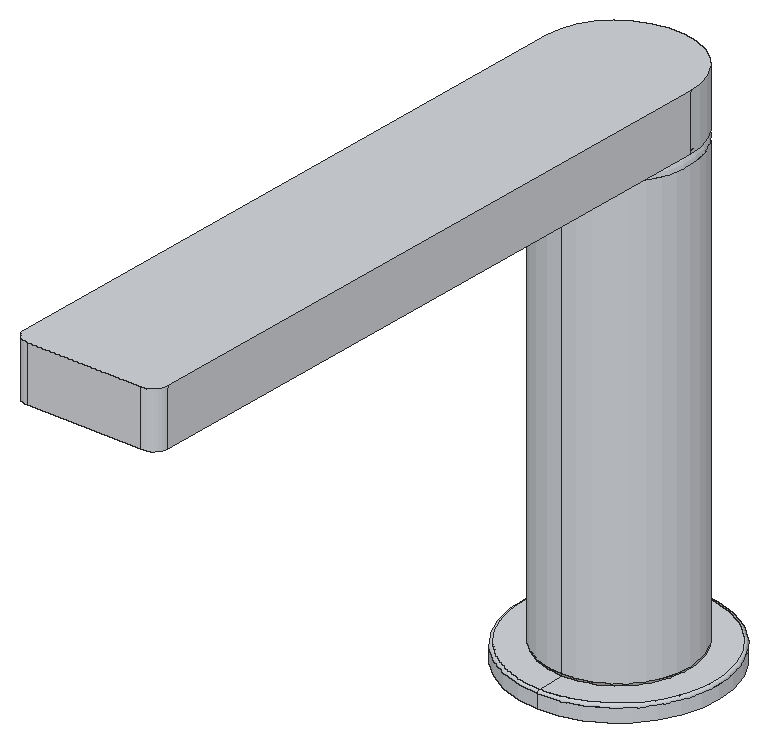
Revit family "Faucet_Touchless-Lavatory-KOHLER-Composed-K-106C37", category Plumbing Fixtures, host Face, Revit 2021
Family settings
  Host = Face
  Round Connector Dimension = Use Diameter
  Part Type = Normal
  OmniClass Number = 23.31.11.00
  OmniClass Title = Faucets
  Cut with Voids When Loaded = No
  Shared = No
  Room Calculation Point = No
Parameters (values of type "CP-Polished Chrome")
  Width = 2"  # constant formula
  WaterSense Certified = 1 = 0  # no
  Waste Water Outlet = "Waste Water Outlet"  # constant formula
  Waste Connection = 1 = 0  # no
  Vent Connection = 1 = 0  # no
  URL = "https://www.us.kohler.com/us/"
  Spout Reach = Length  # 5 13/16"
  Product Page URL = "http://www.us.kohler.com/us/catalog/productDetails.jsp?productNumber=106C37-SANA"
  Product Name = "Composed"  # constant formula
  Product Documentation Link = "https://www.us.kohler.com/webassets/kpna/catalog/pdf/en/K-106C37-SANA_spec_US-CA_Kohler_en.pdf"
  Pressure = 60.00 psi  # constant formula
  Model = "K-106C37-SANA-CP"  # constant formula
  Material = "Premium Metal Construction"  # constant formula
  Master Format 2014 Name = "Residential Faucets, Supplies, and Trim"  # constant formula
  Master Format 2014 = "22 41 39"  # constant formula
  Manufacturer Address = "444 Highland Dr, Kohler, WI 53044"  # constant formula
  Manufacturer = "Kohler Co."  # constant formula
  Length = 5 13/16"  # constant formula
  Hot Water Inlet = "Hot Water Inlet"  # constant formula
  Height = 5 1/2"  # constant formula
  HW Connection = 1 = 1  # yes
  Flow Rate = 0.5 GPM  # constant formula
  Finish = Kohler-Metal-CP-Polished_Chrome
  Environmental Product Declaration = ""
  Electrical Note = "Hybrid Energy Cell"  # constant formula
  Drain Included = 1 = 1  # yes
  Description = "Faucet Hybrid Battery With Mixer"  # constant formula
  Default Elevation = 36"
  Declare Label = ""
  Date Modified = "05/20/2024"  # constant formula
  Date Created = "01/29/2019"  # constant formula
  Copyright = "Copyright Kohler Co."  # constant formula
  Contact Us = "https://www.us.kohler.com/us/static/contact.jsp"
  Cold Water Inlet = "Cold Water Inlet"  # constant formula
  CW Connection = 1 = 1  # yes
  Assembly Code = "D2010"
  ADA Compliant = 1 = 1  # yes
Reference planes (in)
  plane 1 "Center (Front/Back)": y = 0
  plane 2: z = 0
  plane 3 "Center (Left/Right)": x = 0
  plane 4: x = -1
  plane 5: x = 1
  plane 6: z = 5.5
  plane 7: y = -5.8125
  plane 8: z = 4.875
  plane 9: y = 1
  plane 10: y = -1
Dimensions and locks (in)
  "Width": plane 4 to plane 5
  "Length": plane 1 "Center (Front/Back)" to plane 7
  "Height": plane 6 to plane 2
  locked: plane 8 to plane 2 at 4.875
  aligned and locked: host face to plane 2
  aligned and locked: host face to level
Automatic sketch dimensions
  host sketch curve to host sketch curve = 96"  (x2)
Nested families (in)
  nested 1: "K-106C37" at (0, 0, 0), type "K-106C37"
Connectors (in)
  piping at (-0.35397, 0, 0), diameter 0.375, driven by "Flow Rate", driven by "Pressure", driven by "HW Connection", driven by "Hot Water Inlet"
    settings: on nested 1, index 1, connector inside diameter 24", connector length 0", flow factor 0, pipe flow 0.5 GPM, pressure drop 60.00 psi, fitting loss kfactor 0, connector angle 0.00°, fixture units 0, engagement length 0", angle of deflection 0.00°, flow configuration 1, flow direction 1, fitting loss method 4, system type 19, joint type 0, gender type 0, connector reference index -1, connector utility 1, adjustable connector no, is connector primary yes, connector description "Hot Water Inlet"
  piping at (0.35397, 0, 0), diameter 0.375, driven by "Flow Rate", driven by "Pressure", driven by "CW Connection", driven by "Cold Water Inlet"
    settings: on nested 1, index 2, connector inside diameter 24", connector length 0", flow factor 0, pipe flow 0.5 GPM, pressure drop 60.00 psi, fitting loss kfactor 0, connector angle 0.00°, fixture units 0, engagement length 0", angle of deflection 0.00°, flow configuration 1, flow direction 1, fitting loss method 4, system type 20, joint type 0, gender type 0, connector reference index -1, connector utility 1, adjustable connector no, is connector primary no, connector description "Cold Water Inlet"
Definition of nested family "K-106C37"
  Parameters
    Material = none
    Default Elevation = 0"
  Reference planes (in)
    plane 1 "Center (Front/Back)": y = 0
    plane 2: z = 0
    plane 3 "Center (Left/Right)": x = 0
    plane 4: x = -1
    plane 5: x = 1
    plane 6: y = 1
    plane 7: y = -1
    plane 8: y = -5.8125
    plane 9: z = 5.5
    plane 10: z = 4.875
  Forms (in)
    Revolve 1, solid, material <- "Material", detail levels medium+fine
      sketch origin (0, 0, 0) x (0, 1, 0) y (0, 0, 1)
        loop
          line (0, 0) -> (0, 4.78248) -> (-0.54411, 4.78248)
          arc (-0.54411, 4.78248) -> (-0.66047, 4.73428) -> (-0.70866, 4.61793) r 0.16455
          line (-0.70866, 4.61793) -> (-0.70866, 0.18107)
          arc (-0.70866, 0.18107) -> (-0.70175, 0.16439) -> (-0.68507, 0.15748) r 0.02359
          line (-0.68507, 0.15748) -> (-0.97191, 0.15748)
          arc (-0.97191, 0.15748) -> (-0.99177, 0.14925) -> (-1, 0.12939) r 0.02809
          line (-1, 0.12939) -> (-1, 0) -> (0, 0)
        axis (0, 4.78248) -> (0, 0)
      angle from 0 to 360
    Extrusion 2, solid, material <- "Material", detail levels medium+fine
      sketch origin (0, 0, 0) x (1, 0, 0) y (0, 1, 0)
        loop
          line (-0.70866, 0.00121) -> (-0.70866, -6.44494)
          arc (-0.70866, -6.44494) -> (-0.66441, -6.55176) -> (-0.55759, -6.59601) r 0.15108
          line (-0.55759, -6.59601) -> (0.55632, -6.59601)
          arc (0.55632, -6.59601) -> (0.66404, -6.55139) -> (0.70866, -6.44367) r 0.15234
          line (0.70866, -6.44367) -> (0.70866, 0.00121)
          arc (0.70866, 0.00121) -> (0, 0.70988) -> (-0.70866, 0.00121) r 0.70866
      from 4.54118 to 6.09294
    Extrusion 3, void
      sketch origin (0, 0, 0) x (0, 1, 0) y (0, 0, 1)
        loop
          line (0.90399, 5.23985) -> (0.90399, 6.19451) -> (-6.61256, 6.19451) -> (-6.61256, 5.50234) -> (0.90399, 5.23985)
        loop
          line (0.90399, 4.68568) -> (-6.61256, 4.94816) -> (-6.61256, 4.43568) -> (0.90399, 4.43568) -> (0.90399, 4.68568)
      from -0.88966 to 0.95732
    Extrusion 4, void
      sketch origin (0, 0, 0) x (0, 1, 0) y (0, 0, 1)
        loop
          line (0.79153, 4.6896) -> (0.79153, 4.96795) -> (-0.82888, 4.96795) -> (-0.82888, 4.74619) -> (0.79153, 4.6896)
      from -0.83763 to 0.85245
    Revolve 5, solid, detail levels medium+fine
      sketch origin (0, 0, 0) x (0, 1, 0) y (0, 0, 1)
        loop
          line (-5.8125, 4.875) -> (-5.46591, 4.80133) -> (-5.45363, 4.8591) -> (-5.41463, 4.8508)
          arc (-5.41463, 4.8508) -> (-5.38526, 4.85625) -> (-5.36834, 4.88087) r 0.03903
          line (-5.36834, 4.88087) -> (-5.3498, 4.96807) -> (-5.77357, 5.05815) -> (-5.8125, 4.875)
        axis (-5.8125, 4.875) -> (-5.77357, 5.05815)
      angle from 0 to 360
    Revolve 6, void
      sketch origin (0, 0, 0) x (0, 1, 0) y (0, 0, 1)
        loop
          line (-6.23931, 5.15715) -> (-6.30565, 4.84507) -> (-5.84353, 4.74685) -> (-5.7772, 5.05892) -> (-6.23931, 5.15715)
        axis (-5.84353, 4.74685) -> (-5.7772, 5.05892)
      angle from 0 to 360
    Sweep 7, solid, detail levels medium+fine
      path origin (0, -0.17553, -0.15604) x (1, 0, 0) y (0, 0.999391, -0.034899)
        loop
          line (-0.47244, -4.42044) -> (-0.47244, -4.69476)
          arc (-0.47244, -4.69476) -> (0, -5.1672) -> (0.47244, -4.69476) r 0.47244
          line (0.47244, -4.69476) -> (0.47244, -4.42044)
          arc (0.47244, -4.42044) -> (0, -3.948) -> (-0.47244, -4.42044) r 0.47244
      profile origin (-0.47244, -4.73035, 0.00302) x (1, 0, 0) y (0, 0.034899, 0.999391)
        loop
          line (0, 5.08692) -> (0, 4.8922)
          arc (0, 4.8922) -> (0.02312, 4.83639) -> (0.07892, 4.81327) r 0.07892
          line (0.07892, 4.81327) -> (0.32246, 4.81327) -> (0.32246, 5.08692) -> (0, 5.08692)
    Extrusion 8, solid, detail levels medium+fine
      sketch origin (0, -0.17553, -0.15604) x (1, 0, 0) y (0, 0.999391, -0.034899)
        loop
          line (-0.14998, -4.42044) -> (-0.14998, -4.69476)
          arc (-0.14998, -4.69476) -> (0, -4.84474) -> (0.14998, -4.69476) r 0.14998
          line (0.14998, -4.69476) -> (0.14998, -4.42044)
          arc (0.14998, -4.42044) -> (0, -4.27045) -> (-0.14998, -4.42044) r 0.14998
      from 4.81327 to 5.08692
    Revolve 9, solid, material <- "Material", detail levels coarse
      sketch origin (0, 0, 0) x (0, 1, 0) y (0, 0, 1)
        loop
          line (0, 0) -> (0, 4.73274) -> (-0.70866, 4.73274) -> (-0.70866, 0.26851) -> (-1, 0.26851) -> (-1, 0) -> (0, 0)
        axis (0, 4.73274) -> (0, 0)
      angle from 0 to 360
    Extrusion 10, solid, material <- "Material", detail levels coarse
      sketch origin (0, 0, 0) x (1, 0, 0) y (0, 1, 0)
        loop
          line (-0.70866, 0.00121) -> (-0.70866, -6.59601) -> (0.70866, -6.59601) -> (0.70866, 0.00121)
          arc (0.70866, 0.00121) -> (0, 0.70988) -> (-0.70866, 0.00121) r 0.70866
      from 4.73274 to 5.51642
    Extrusion 11, solid, material <- "Material", detail levels medium+fine
      sketch origin (0, 0, 0) x (1, 0, 0) y (0, 1, 0)
        loop
          circle (-0.35397, 0) r 0.125
        loop
          circle (0.35397, 0) r 0.125
      from 0 to 0.05237
    Extrusion 12, void
      sketch origin (0, 0, 0) x (1, 0, 0) y (0, 1, 0)
        loop
          circle (0, -4.23169) r 0.08983
      from 4.75486 to 4.84462
    Extrusion 13, solid, detail levels medium+fine
      sketch origin (0, 0, 0) x (1, 0, 0) y (0, 1, 0)
        loop
          circle (0, -4.23169) r 0.06887
      from 4.81211 to 4.86124
  Cuts and joins
    Extrusion 4 cuts Revolve 1
    Extrusion 3, Revolve 6 cuts Extrusion 2
    joined: Revolve 1, Extrusion 2
    Extrusion 12 cuts Sweep 7
    Extrusion 12 cuts Extrusion 8
    joined: Sweep 7, Extrusion 8
    joined: Revolve 9, Extrusion 10
  Lines and regions (in)
    Masking region 1
      outline origin (0, 0, 0) x (0, 1, 0) y (0, 0, 1)
        loop
          line (-1, 0) -> (1, 0) -> (1, 0.12789)
          arc (1, 0.12789) -> (0.99133, 0.14881) -> (0.97041, 0.15748) r 0.02959
          line (0.97041, 0.15748) -> (0.68507, 0.15748)
          arc (0.68507, 0.15748) -> (0.70196, 0.16698) -> (0.70866, 0.18517) r 0.02805
          line (0.70866, 0.18517) -> (0.70866, 4.6644)
          arc (0.70866, 4.6644) -> (0.70361, 4.68151) -> (0.69008, 4.69315) r 0.03153
          arc (0.69008, 4.69315) -> (0.70443, 4.70479) -> (0.70983, 4.72246) r 0.03163
          line (0.70983, 4.72246) -> (0.70983, 5.24487) -> (-6.59601, 5.5) -> (-6.59601, 4.94758) -> (-6.06707, 4.92911) -> (-5.46591, 4.80133) -> (-5.45363, 4.8591) -> (-5.40228, 4.84818)
          arc (-5.40228, 4.84818) -> (-5.38242, 4.85186) -> (-5.37097, 4.86851) r 0.0264
          line (-5.37097, 4.86851) -> (-5.36331, 4.90453) -> (-5.16842, 4.89773)
          arc (-5.16842, 4.89773) -> (-5.14228, 4.85132) -> (-5.09273, 4.83177) r 0.07965
          line (-5.09273, 4.83177) -> (-4.03524, 4.79485)
          arc (-4.03524, 4.79485) -> (-3.98344, 4.81076) -> (-3.95252, 4.85527) r 0.08292
          line (-3.95252, 4.85527) -> (-0.64549, 4.73978)
          arc (-0.64549, 4.73978) -> (-0.6904, 4.71853) -> (-0.70866, 4.67232) r 0.06762
          line (-0.70866, 4.67232) -> (-0.70866, 0.18517)
          arc (-0.70866, 0.18517) -> (-0.70196, 0.16698) -> (-0.68507, 0.15748) r 0.02805
          line (-0.68507, 0.15748) -> (-0.97041, 0.15748)
          arc (-0.97041, 0.15748) -> (-0.99133, 0.14881) -> (-1, 0.12789) r 0.02959
          line (-1, 0.12789) -> (-1, 0)
    Masking region 2
      outline origin (0, 0, 0) x (1, 0, 0) y (0, 0, 1)
        loop
          line (1, 0) -> (1, 0.13064)
          arc (1, 0.13064) -> (0.99214, 0.14962) -> (0.97316, 0.15748) r 0.02684
          line (0.97316, 0.15748) -> (0.68507, 0.15748)
          arc (0.68507, 0.15748) -> (0.70182, 0.16519) -> (0.70866, 0.18231) r 0.02487
          line (0.70866, 0.18231) -> (0.70866, 4.66989)
          arc (0.70866, 4.66989) -> (0.69784, 4.70038) -> (0.67021, 4.7172) r 0.04833
          arc (0.67021, 4.7172) -> (0.69728, 4.72725) -> (0.70866, 4.75379) r 0.03663
          line (0.70866, 4.75379) -> (0.70866, 5.46484)
          arc (0.70866, 5.46484) -> (0.69836, 5.4897) -> (0.6735, 5.5) r 0.03516
          line (0.6735, 5.5) -> (-0.67198, 5.5)
          arc (-0.67198, 5.5) -> (-0.69792, 5.48926) -> (-0.70866, 5.46333) r 0.03667
          line (-0.70866, 5.46333) -> (-0.70866, 4.75379)
          arc (-0.70866, 4.75379) -> (-0.69728, 4.72725) -> (-0.67021, 4.7172) r 0.03663
          arc (-0.67021, 4.7172) -> (-0.69784, 4.70038) -> (-0.70866, 4.66989) r 0.04833
          line (-0.70866, 4.66989) -> (-0.70866, 0.18231)
          arc (-0.70866, 0.18231) -> (-0.70182, 0.16519) -> (-0.68507, 0.15748) r 0.02487
          line (-0.68507, 0.15748) -> (-0.97316, 0.15748)
          arc (-0.97316, 0.15748) -> (-0.99214, 0.14962) -> (-1, 0.13064) r 0.02684
          line (-1, 0.13064) -> (-1, 0) -> (1, 0)
    Masking region 3
      outline origin (0, 0, 0) x (1, 0, 0) y (0, 1, 0)
        loop
          arc (-1, 0) -> (-0.92428, -0.38171) -> (-0.7086, -0.70561) r 1
          line (-0.7086, -0.70561) -> (-0.7086, -6.44806)
          arc (-0.7086, -6.44806) -> (-0.66527, -6.55268) -> (-0.56065, -6.59601) r 0.14795
          line (-0.56065, -6.59601) -> (0.56094, -6.59601)
          arc (0.56094, -6.59601) -> (0.66535, -6.55276) -> (0.7086, -6.44835) r 0.14766
          line (0.7086, -6.44835) -> (0.7086, -0.70561)
          arc (0.7086, -0.70561) -> (0.92428, -0.38171) -> (1, 0) r 1
          arc (1, 0) -> (0.70711, 0.70711) -> (0, 1) r 1
          arc (0, 1) -> (-0.70711, 0.70711) -> (-1, 0) r 1
    symbolic lines, detail levels medium+fine
      curve 1: line (0, 0.69008, 4.69315) -> (0, -0.65412, 4.74009)
      curve 2: line (0, -3.95252, 4.85527) -> (0, -5.16781, 4.89771)
      curve 3: line (0, -6.06707, 4.92911) -> (0, -5.36331, 4.90453)
      curve 4: line (0, -5.45363, 4.8591) -> (0, -5.72719, 4.91724)
      curve 5: line (0, 0.68507, 0.15748) -> (0, -0.68507, 0.15748)
      curve 6: arc (-0.67021, 0, 4.7172) -> (0, 0, 4.74009) -> (0.67021, 0, 4.7172) r 9.82651
      curve 7: line (-0.70866, 0, 4.94758) -> (0.70866, 0, 4.94758)
      curve 8: spline (0, 0, 4.80133) -> (-0.08679, 0, 4.80357) -> (-0.16829, 0, 4.81017) -> (-0.23954, 0, 4.82072) -> (-0.2962, 0, 4.83457) -> (-0.33481, 0, 4.85088) -> (-0.35302, 0, 4.86867) -> (-0.34972, 0, 4.88684) -> (-0.32512, 0, 4.90429) -> (-0.28071, 0, 4.91996) -> (-0.2192, 0, 4.93288) -> (-0.14433, 0, 4.94228) -> (-0.06067, 0, 4.94758)
      curve 9: spline (0.06067, 0, 4.94758) -> (0.14433, 0, 4.94228) -> (0.2192, 0, 4.93288) -> (0.28071, 0, 4.91996) -> (0.32512, 0, 4.90429) -> (0.34972, 0, 4.88684) -> (0.35302, 0, 4.86867) -> (0.33481, 0, 4.85088) -> (0.2962, 0, 4.83457) -> (0.23954, 0, 4.82072) -> (0.16829, 0, 4.81017) -> (0.08679, 0, 4.80357) -> (0, 0, 4.80133)
      curve 10: line (-0.35433, 0, 4.875) -> (-0.35433, 0, 4.93107)
      curve 11: spline (-0.42781, 0, 4.9129) -> (-0.45048, 0, 4.91491) -> (-0.46551, 0, 4.91702) -> (-0.47265, 0, 4.91917) -> (-0.47178, 0, 4.92134) -> (-0.46292, 0, 4.92348) -> (-0.4462, 0, 4.92557) -> (-0.42192, 0, 4.92756) -> (-0.39047, 0, 4.92943) -> (-0.35239, 0, 4.93114) -> (-0.3083, 0, 4.93267) -> (-0.25894, 0, 4.93399) -> (-0.20514, 0, 4.93507)
      curve 12: arc (-0.35433, 0, 4.89334) -> (-0.38709, 0, 4.90617) -> (-0.41464, 0, 4.92805) r 0.11866
      curve 13: arc (-0.39465, 0, 4.91091) -> (-0.41123, 0, 4.91178) -> (-0.42781, 0, 4.9129) r 1.14965
      curve 14: arc (-0.35433, 0, 4.89334) -> (-0.40991, 0, 4.88981) -> (-0.46525, 0, 4.88363) r 1.16121
      curve 15: arc (-0.20276, 0, 4.7968) -> (-0.10138, 0, 4.79522) -> (0, 0, 4.79469) r 9.74266
      curve 16: arc (-0.3892, 0, 4.80669) -> (-0.29606, 0, 4.80025) -> (-0.20276, 0, 4.7968) r 2.90363
      curve 17: arc (-0.47192, 0, 4.87526) -> (-0.4413, 0, 4.82802) -> (-0.3892, 0, 4.80669) r 0.09418
      curve 18: arc (-0.47192, 0, 4.87526) -> (-0.47072, 0, 4.88115) -> (-0.46525, 0, 4.88363) r 0.00661
      curve 19: line (0.35433, 0, 4.875) -> (0.35433, 0, 4.93107)
      curve 20: spline (0.42781, 0, 4.9129) -> (0.45048, 0, 4.91491) -> (0.46551, 0, 4.91702) -> (0.47265, 0, 4.91917) -> (0.47178, 0, 4.92134) -> (0.46292, 0, 4.92348) -> (0.4462, 0, 4.92557) -> (0.42192, 0, 4.92756) -> (0.39047, 0, 4.92943) -> (0.35239, 0, 4.93114) -> (0.3083, 0, 4.93267) -> (0.25894, 0, 4.93399) -> (0.20514, 0, 4.93507)
      curve 21: arc (0.35433, 0, 4.89334) -> (0.38709, 0, 4.90617) -> (0.41464, 0, 4.92805) r 0.11866
      curve 22: arc (0.39465, 0, 4.91091) -> (0.41123, 0, 4.91178) -> (0.42781, 0, 4.9129) r 1.14965
      curve 23: arc (0.35433, 0, 4.89334) -> (0.40991, 0, 4.88981) -> (0.46525, 0, 4.88363) r 1.16121
      curve 24: arc (0.20276, 0, 4.7968) -> (0.10138, 0, 4.79522) -> (0, 0, 4.79469) r 9.74266
      curve 25: arc (0.3892, 0, 4.80669) -> (0.29606, 0, 4.80025) -> (0.20276, 0, 4.7968) r 2.90363
      curve 26: arc (0.47192, 0, 4.87526) -> (0.4413, 0, 4.82802) -> (0.3892, 0, 4.80669) r 0.09418
      curve 27: arc (0.47192, 0, 4.87526) -> (0.47072, 0, 4.88115) -> (0.46525, 0, 4.88363) r 0.00661
      curve 28: line (-0.68507, 0, 0.15748) -> (0.68507, 0, 0.15748)
      curve 29: line (-0.7086, -0.70561, 0) -> (-0.7086, 0.00121, 0)
      curve 30: line (0.7086, -0.70561, 0) -> (0.7086, 0.00121, 0)
      curve 31: arc (-0.7086, 0.00121, 0) -> (0, 0.70982, 0) -> (0.7086, 0.00121, 0) r 0.7086
  Dimensions and locks (in)
    locked: plane 4 to plane 5 at 2
    locked: plane 6 to plane 7 at 2
    locked: plane 1 "Center (Front/Back)" to plane 8 at 5.8125
    locked: plane 9 to plane 2 at 5.5
    locked: plane 10 to plane 2 at 4.875
    aligned and locked: plane 2 to level
